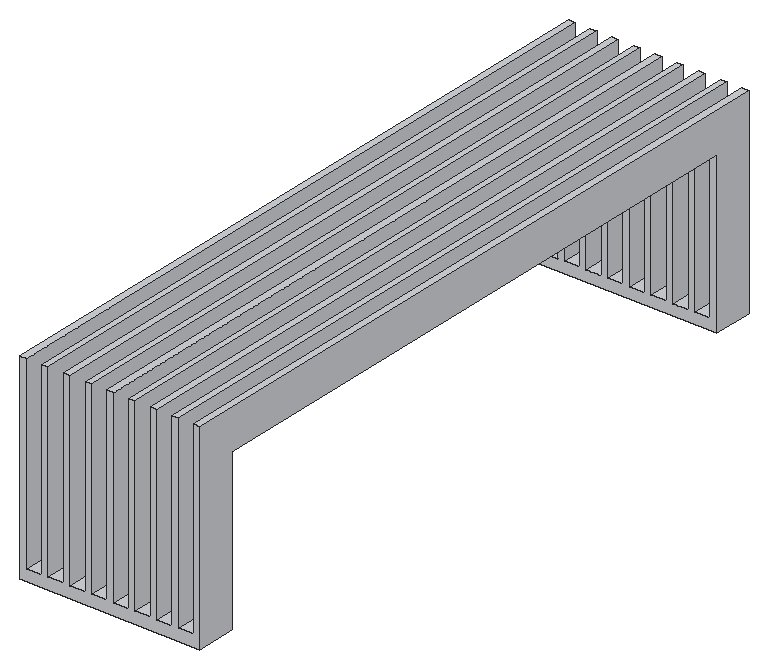
Revit family "LL09_R2016", category Generic Models, Revit 2016
Family settings
  Part Type = Normal
  Can host rebar = No
  Round Connector Dimension = Use Diameter
  OmniClass Number = 23.45.00.00
  OmniClass Title = Sanitary, Laundry, and Cleaning Equipment
  Work Plane-Based = No
  Always vertical = Yes
  Cut with Voids When Loaded = No
  Shared = No
  Room Calculation Point = No
Parameters
  Tube Length [instance] = 990 mm
  Length [instance] = 1200 mm
  Height = 350 mm
Reference planes
  plane 1: z = 0
  plane 2: z = 350
  plane 3: y = -26.341
  plane 4: y = -626.341
  plane 5: y = 573.659
Forms (mm)
  Extrusion 1, solid, not visible
    sketch origin (0, 0, 0) x (1, 0, 0) y (0, 1, 0)
      loop
        line (-495, -20) -> (-495, -31) -> (495, -31) -> (495, -20) -> (-495, -20)
    from 300 to 370
  Extrusion 2, solid, not visible
    sketch origin (0, 0, 0) x (1, 0, 0) y (0, 1, 0)
      loop
        line (-495, -20) -> (-495, -31) -> (495, -31) -> (495, -20) -> (-495, -20)
    from 300 to 370
  Extrusion 3, solid, not visible
    sketch origin (0, -24, 0) x (1, 0, 0) y (0, 1, 0)
      loop
        line (-495, -20) -> (-495, -31) -> (495, -31) -> (495, -20) -> (-495, -20)
    from 300 to 370
  Extrusion 4, solid, not visible
    sketch origin (0, -48, 0) x (1, 0, 0) y (0, 1, 0)
      loop
        line (-495, -20) -> (-495, -31) -> (495, -31) -> (495, -20) -> (-495, -20)
    from 300 to 370
  Extrusion 5, solid, not visible
    sketch origin (0, -72, 0) x (1, 0, 0) y (0, 1, 0)
      loop
        line (-495, -20) -> (-495, -31) -> (495, -31) -> (495, -20) -> (-495, -20)
    from 300 to 370
  Extrusion 6, solid, not visible
    sketch origin (0, -96, 0) x (1, 0, 0) y (0, 1, 0)
      loop
        line (-495, -20) -> (-495, -31) -> (495, -31) -> (495, -20) -> (-495, -20)
    from 300 to 370
  Extrusion 7, solid, not visible
    sketch origin (0, -120, 0) x (1, 0, 0) y (0, 1, 0)
      loop
        line (-495, -20) -> (-495, -31) -> (495, -31) -> (495, -20) -> (-495, -20)
    from 300 to 370
  Extrusion 8, solid, not visible
    sketch origin (0, -144, 0) x (1, 0, 0) y (0, 1, 0)
      loop
        line (-495, -20) -> (-495, -31) -> (495, -31) -> (495, -20) -> (-495, -20)
    from 300 to 370
  Extrusion 9, solid, not visible
    sketch origin (0, -168, 0) x (1, 0, 0) y (0, 1, 0)
      loop
        line (-495, -20) -> (-495, -31) -> (495, -31) -> (495, -20) -> (-495, -20)
    from 300 to 370
  Extrusion 10, solid, not visible
    sketch origin (0, -192, 0) x (1, 0, 0) y (0, 1, 0)
      loop
        line (-495, -20) -> (-495, -31) -> (495, -31) -> (495, -20) -> (-495, -20)
    from 300 to 370
  Extrusion 11, solid, not visible
    sketch origin (0, -216, 0) x (1, 0, 0) y (0, 1, 0)
      loop
        line (-495, -20) -> (-495, -31) -> (495, -31) -> (495, -20) -> (-495, -20)
    from 300 to 370
  Extrusion 12, solid, not visible
    sketch origin (0, -240, 0) x (1, 0, 0) y (0, 1, 0)
      loop
        line (-495, -20) -> (-495, -31) -> (495, -31) -> (495, -20) -> (-495, -20)
    from 300 to 370
  Extrusion 13, solid, not visible
    sketch origin (0, -264, 0) x (1, 0, 0) y (0, 1, 0)
      loop
        line (-495, -20) -> (-495, -31) -> (495, -31) -> (495, -20) -> (-495, -20)
    from 300 to 370
  Extrusion 14, solid, not visible
    sketch origin (0, -288, 0) x (1, 0, 0) y (0, 1, 0)
      loop
        line (-495, -20) -> (-495, -31) -> (495, -31) -> (495, -20) -> (-495, -20)
    from 300 to 370
  Extrusion 15, solid, not visible
    sketch origin (0, -312, 0) x (1, 0, 0) y (0, 1, 0)
      loop
        line (-495, -20) -> (-495, -31) -> (495, -31) -> (495, -20) -> (-495, -20)
    from 300 to 370
  Extrusion 16, solid
    sketch origin (0, 0, 0) x (0, 1, 0) y (0, 0, 1)
      loop
        line (573.659, 0) -> (573.659, 350) -> (-626.341, 350) -> (-626.341, 0) -> (-556.341, 0) -> (-556.341, 280) -> (503.659, 280) -> (503.659, 0) -> (573.659, 0)
    from 0 to 11
  Extrusion 17, solid
    sketch origin (38, 0, 0) x (0, 1, 0) y (0, 0, 1)
      loop
        line (573.659, 0) -> (573.659, 350) -> (-626.341, 350) -> (-626.341, 0) -> (-556.341, 0) -> (-556.341, 280) -> (503.659, 280) -> (503.659, 0) -> (573.659, 0)
    from 0 to 11
  Extrusion 18, solid
    sketch origin (76, 0, 0) x (0, 1, 0) y (0, 0, 1)
      loop
        line (573.659, 0) -> (573.659, 350) -> (-626.341, 350) -> (-626.341, 0) -> (-556.341, 0) -> (-556.341, 280) -> (503.659, 280) -> (503.659, 0) -> (573.659, 0)
    from 0 to 11
  Extrusion 19, solid
    sketch origin (114, 0, 0) x (0, 1, 0) y (0, 0, 1)
      loop
        line (573.659, 0) -> (573.659, 350) -> (-626.341, 350) -> (-626.341, 0) -> (-556.341, 0) -> (-556.341, 280) -> (503.659, 280) -> (503.659, 0) -> (573.659, 0)
    from 0 to 11
  Extrusion 20, solid
    sketch origin (152, 0, 0) x (0, 1, 0) y (0, 0, 1)
      loop
        line (573.659, 0) -> (573.659, 350) -> (-626.341, 350) -> (-626.341, 0) -> (-556.341, 0) -> (-556.341, 280) -> (503.659, 280) -> (503.659, 0) -> (573.659, 0)
    from 0 to 11
  Extrusion 21, solid
    sketch origin (190, 0, 0) x (0, 1, 0) y (0, 0, 1)
      loop
        line (573.659, 0) -> (573.659, 350) -> (-626.341, 350) -> (-626.341, 0) -> (-556.341, 0) -> (-556.341, 280) -> (503.659, 280) -> (503.659, 0) -> (573.659, 0)
    from 0 to 11
  Extrusion 22, solid
    sketch origin (228, 0, 0) x (0, 1, 0) y (0, 0, 1)
      loop
        line (573.659, 0) -> (573.659, 350) -> (-626.341, 350) -> (-626.341, 0) -> (-556.341, 0) -> (-556.341, 280) -> (503.659, 280) -> (503.659, 0) -> (573.659, 0)
    from 0 to 11
  Extrusion 23, solid
    sketch origin (0, 0, 0) x (1, 0, 0) y (0, 1, 0)
      loop
        line (0, -626.341) -> (315, -626.341) -> (315, -556.341) -> (0, -556.341) -> (0, -626.341)
      loop
        line (0, 503.659) -> (315, 503.659) -> (315, 573.659) -> (0, 573.659) -> (0, 503.659)
    from 0 to 20
  Extrusion 24, solid
    sketch origin (266, 0, 0) x (0, 1, 0) y (0, 0, 1)
      loop
        line (573.659, 0) -> (573.659, 350) -> (-626.341, 350) -> (-626.341, 0) -> (-556.341, 0) -> (-556.341, 280) -> (503.659, 280) -> (503.659, 0) -> (573.659, 0)
    from 0 to 11
  Extrusion 25, solid
    sketch origin (304, 0, 0) x (0, 1, 0) y (0, 0, 1)
      loop
        line (573.659, 0) -> (573.659, 350) -> (-626.341, 350) -> (-626.341, 0) -> (-556.341, 0) -> (-556.341, 280) -> (503.659, 280) -> (503.659, 0) -> (573.659, 0)
    from 0 to 11
Cuts and joins
  joined: Extrusion 16, Extrusion 17, Extrusion 18, Extrusion 19, Extrusion 20, Extrusion 21, Extrusion 22, Extrusion 23, Extrusion 24, Extrusion 25
Lines and regions (mm)
  reference lines
    curve 1: line (0, 665.378, 280) -> (0, -754.622, 280)
    curve 2: line (0, 503.659, 411.424) -> (0, 503.659, -138.576)
    curve 3: line (0, -556.341, 388.061) -> (0, -556.341, -81.939)
Dimensions and locks
  locked: Extrusion 1 sketch curve to Extrusion 1 sketch curve at 11
  locked: Extrusion 2 sketch curve to Extrusion 2 sketch curve at 11
  locked: Extrusion 3 sketch curve to Extrusion 3 sketch curve at 11
  equal spacing: group 2, group 3, group 4, group 5, group 6, group 7, group 8, group 9, group 10, group 11, group 12, group 13, group 14, group 15  (x2)
  equal spacing: group 15, group 14, group 13, group 12, group 11, group 10, group 9, group 8, group 7, group 6, group 5, group 4, group 3, group 2
  locked: Extrusion 4 sketch curve to Extrusion 4 sketch curve at 11
  locked: Extrusion 5 sketch curve to Extrusion 5 sketch curve at 11
  locked: Extrusion 6 sketch curve to Extrusion 6 sketch curve at 11
  locked: Extrusion 7 sketch curve to Extrusion 7 sketch curve at 11
  locked: Extrusion 8 sketch curve to Extrusion 8 sketch curve at 11
  locked: Extrusion 9 sketch curve to Extrusion 9 sketch curve at 11
  locked: Extrusion 10 sketch curve to Extrusion 10 sketch curve at 11
  locked: Extrusion 11 sketch curve to Extrusion 11 sketch curve at 11
  locked: Extrusion 12 sketch curve to Extrusion 12 sketch curve at 11
  locked: Extrusion 13 sketch curve to Extrusion 13 sketch curve at 11
  locked: Extrusion 14 sketch curve to Extrusion 14 sketch curve at 11
  locked: Extrusion 15 sketch curve to Extrusion 15 sketch curve at 11
  "Height": plane 2 to level
  equal spacing: plane 5, plane 3, plane 4
  "Length": plane 5 to plane 4
  locked: plane 2 to curve 1 at 70
  locked: curve 3 to plane 4 at 70
  locked: plane 5 to curve 2 at 70
  aligned and locked: level to plane 1
  aligned and locked: Extrusion 16 sketch curve to plane 2
  aligned and locked: Extrusion 16 sketch curve to plane 4
  aligned and locked: level to Extrusion 16 sketch curve  (x2)
  aligned and locked: Extrusion 16 sketch curve to curve 3
  aligned and locked: Extrusion 16 sketch curve to curve 1
  aligned and locked: curve 2 to Extrusion 16 sketch curve
  aligned and locked: Extrusion 16 sketch curve to plane 5
  aligned and locked: Extrusion 23 sketch curve to Extrusion 16  (x6)
  aligned and locked: Extrusion 23 sketch curve to Extrusion 25
  aligned and locked: Extrusion 25 to Extrusion 23 sketch curve
Automatic sketch dimensions
  Extrusion 1 sketch curve to Extrusion 1 sketch curve = 990 mm
  Extrusion 2 sketch curve to Extrusion 2 sketch curve = 990 mm
  Extrusion 3 sketch curve to Extrusion 3 sketch curve = 990 mm
  Extrusion 4 sketch curve to Extrusion 4 sketch curve = 990 mm
  Extrusion 5 sketch curve to Extrusion 5 sketch curve = 990 mm
  Extrusion 6 sketch curve to Extrusion 6 sketch curve = 990 mm
  Extrusion 7 sketch curve to Extrusion 7 sketch curve = 990 mm
  Extrusion 8 sketch curve to Extrusion 8 sketch curve = 990 mm
  Extrusion 9 sketch curve to Extrusion 9 sketch curve = 990 mm
  Extrusion 10 sketch curve to Extrusion 10 sketch curve = 990 mm
  Extrusion 11 sketch curve to Extrusion 11 sketch curve = 990 mm
  Extrusion 12 sketch curve to Extrusion 12 sketch curve = 990 mm
  Extrusion 13 sketch curve to Extrusion 13 sketch curve = 990 mm
  Extrusion 14 sketch curve to Extrusion 14 sketch curve = 990 mm
  Extrusion 15 sketch curve to Extrusion 15 sketch curve = 990 mm
  plane 4 to curve 1 = 128.281 mm
  curve 1 to plane 5 = 91.719 mm
  curve 3 to level = 81.939 mm
  curve 2 to level = 138.576 mm
  plane 2 to curve 3 = 38.061 mm
  plane 2 to curve 2 = 61.424 mm
  Extrusion 17 sketch curve to level = 0 mm  (x2)
  Extrusion 17 sketch curve to plane 4 = 0 mm
  Extrusion 17 sketch curve to plane 2 = 0 mm
  Extrusion 17 sketch curve to plane 5 = 0 mm
  Extrusion 17 sketch curve to plane 4 = 70 mm
  Extrusion 17 sketch curve to Extrusion 17 sketch curve = 70 mm
  Extrusion 17 sketch curve to plane 2 = 70 mm
  Extrusion 18 sketch curve to level = 0 mm  (x2)
  Extrusion 18 sketch curve to plane 4 = 0 mm
  Extrusion 18 sketch curve to plane 2 = 0 mm
  Extrusion 18 sketch curve to plane 5 = 0 mm
  Extrusion 18 sketch curve to plane 4 = 70 mm
  Extrusion 18 sketch curve to Extrusion 18 sketch curve = 70 mm
  Extrusion 18 sketch curve to plane 2 = 70 mm
  Extrusion 19 sketch curve to level = 0 mm  (x2)
  Extrusion 19 sketch curve to plane 4 = 0 mm
  Extrusion 19 sketch curve to plane 2 = 0 mm
  Extrusion 19 sketch curve to plane 5 = 0 mm
  Extrusion 19 sketch curve to plane 4 = 70 mm
  Extrusion 19 sketch curve to Extrusion 19 sketch curve = 70 mm
  Extrusion 19 sketch curve to plane 2 = 70 mm
  Extrusion 20 sketch curve to level = 0 mm  (x2)
  Extrusion 20 sketch curve to plane 4 = 0 mm
  Extrusion 20 sketch curve to plane 2 = 0 mm
  Extrusion 20 sketch curve to plane 5 = 0 mm
  Extrusion 20 sketch curve to plane 4 = 70 mm
  Extrusion 20 sketch curve to Extrusion 20 sketch curve = 70 mm
  Extrusion 20 sketch curve to plane 2 = 70 mm
  Extrusion 21 sketch curve to level = 0 mm  (x2)
  Extrusion 21 sketch curve to plane 4 = 0 mm
  Extrusion 21 sketch curve to plane 2 = 0 mm
  Extrusion 21 sketch curve to plane 5 = 0 mm
  Extrusion 21 sketch curve to plane 4 = 70 mm
  Extrusion 21 sketch curve to Extrusion 21 sketch curve = 70 mm
  Extrusion 21 sketch curve to plane 2 = 70 mm
  Extrusion 22 sketch curve to level = 0 mm  (x2)
  Extrusion 22 sketch curve to plane 4 = 0 mm
  Extrusion 22 sketch curve to plane 2 = 0 mm
  Extrusion 22 sketch curve to plane 5 = 0 mm
  Extrusion 22 sketch curve to plane 4 = 70 mm
  Extrusion 22 sketch curve to Extrusion 22 sketch curve = 70 mm
  Extrusion 22 sketch curve to plane 2 = 70 mm
  Extrusion 24 sketch curve to level = 0 mm  (x2)
  Extrusion 24 sketch curve to plane 4 = 0 mm
  Extrusion 24 sketch curve to plane 2 = 0 mm
  Extrusion 24 sketch curve to plane 5 = 0 mm
  Extrusion 24 sketch curve to plane 4 = 70 mm
  Extrusion 24 sketch curve to Extrusion 24 sketch curve = 70 mm
  Extrusion 24 sketch curve to plane 2 = 70 mm
  Extrusion 25 sketch curve to level = 0 mm  (x2)
  Extrusion 25 sketch curve to plane 4 = 0 mm
  Extrusion 25 sketch curve to plane 2 = 0 mm
  Extrusion 25 sketch curve to plane 5 = 0 mm
  Extrusion 25 sketch curve to plane 4 = 70 mm
  Extrusion 25 sketch curve to Extrusion 25 sketch curve = 70 mm
  Extrusion 25 sketch curve to plane 2 = 70 mm
